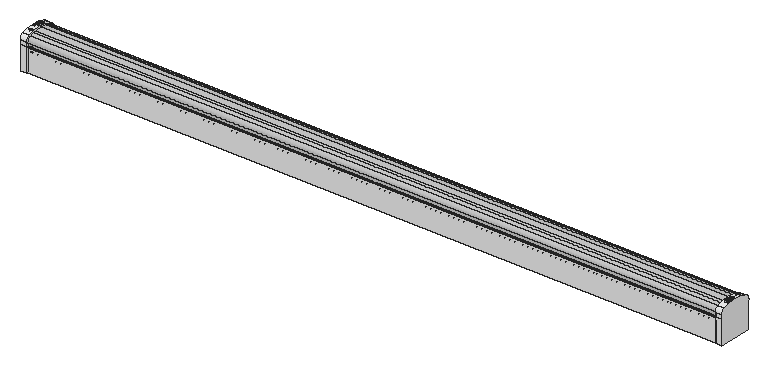
Revit family "Clevertronics_EPIC-1500-SEN_AUB04610230001", category Lighting Fixtures, host Face, Revit 2020
Family settings
  Host = Face
  Round Connector Dimension = Use Diameter
  Part Type = Normal
  Cut with Voids When Loaded = No
  Light Source = Yes
  Shared = No
  Room Calculation Point = No
Parameters (values of type "EPIC-1500-SEN_3000K")
  Wattage = 49.4 W
  built-in parameter 1150110 = 1 (stored number, unit not read)
  built-in parameter 1150109 = 1 (stored number, unit not read)
  built-in parameter 1150134 = (empty or 0)
  built-in parameter 1150113 = 1 (stored number, unit not read)
  Tilt Angle = -90.00°
  Photometric Web File = "EPIC-1500-3K_IESA_G_TUV7191314725_20230817.IES"
  Model = "EPIC-1500-SEN"
  Manufacturer = "Clevertronics"  # constant formula
  Emit from Line Length = 609.6 mm
  Description = "Epic 1500mm Diffused Batten, Motion Sensor, Switchable Colour & Output"
  CreatedBy = ""
  Clevertronics_Width = 72 mm
  Clevertronics_Weight = "2.2 Kg"
  Clevertronics_Viewing Distance = "N/A"
  Clevertronics_Total Lumen Output = "5555 lm (117 lm/W)"
  Clevertronics_Testing System = "N/A"
  Clevertronics_Testing Node = "N/A"
  Clevertronics_Supply Current = "180mA +/- 20mA"
  Clevertronics_Replacement Battery = "N/A"
  Clevertronics_Product Description = "Epic 1500mm Diffused Batten, Motion Sensor,  Switchable Colour & Output"
  Clevertronics_Power Factor = "0.90 @ High Output"
  Clevertronics_Power Consumption = "47.21W"
  Clevertronics_Other Modules = ""  # constant formula
  Clevertronics_Operating Voltage = "220-240V~ 50Hz"
  Clevertronics_Operating Temperature = "1°C to 40°C"
  Clevertronics_Operating Mode = "N/A"
  Clevertronics_Mounting = "Surface Mount"
  Clevertronics_Material = Clevertronics_Plycarbonate Base
  Lumens = 5532.8 lm
  built-in parameter 1114217 = 1 (stored number, unit not read)
  built-in parameter 1150115 = 1 (stored number, unit not read)
  built-in parameter 1150105 = 440.29 (stored number, unit not read)
  built-in parameter 1150137 = 1
  built-in parameter 1150139 = (empty or 0)
  built-in parameter 1150112 = 1 (stored number, unit not read)
  built-in parameter 1150114 = 1 (stored number, unit not read)
  Lamp = "Dual LED strip module, 3000K warm white, 5700K cool white, >50,000hr life, Ra>80__L70/B50 Ta 40°C; Reported >54,000hr, Projected 158,000hr__L80/B50 Ta 40°C; Reported >54,000hr, Projected 99,000hr"
  built-in parameter 1150132 = (empty or 0)
  built-in parameter 1150102 = (empty or 0)
  built-in parameter 1150138 = (empty or 0)
  built-in parameter 1150107 = 3000 (stored number, unit not read)
  built-in parameter 1150106 = 4.4029 (stored number, unit not read)
  built-in parameter 1150104 = 10.405 (stored number, unit not read)
  Dimming Lamp Color Temperature Shift = <None>
  Default Elevation = 1200 mm
  Color Filter = 16777215
  Clevertronics_Stacked Symbol Position [instance] = 0
  Clevertronics_MIC Number = "AUB04610230001"
  Clevertronics_Length = 1533 mm
  Clevertronics_Inrush Current = "28.4A, <88µs"
  Clevertronics_Impact Rating = "IK03"
  Clevertronics_IP Rating = "IP20"
  Clevertronics_Height = 78 mm
  Clevertronics_Emergency Driver = "1330069"
  Clevertronics_Earth Leakage = "0.152mA"
  Clevertronics_Driver/ Ballast = "LC 57W, 700-1050mA, flexC Ip SNC4"
  Clevertronics_Dimensions Main Enclosure = "L 1533mm x W 72mm x H 78mm"
  Clevertronics_Diffuser = "Co-extruded IP40 PC Diffuser Assembly"
  Clevertronics_Construction = "Powder Coated Sheet Metal Base, Co-extruded IP40 PC Diffuser Assembly, PC End Caps"
  Clevertronics_Charger Method = "N/A"
  Clevertronics_Battery Type = "N/A"
  Clevertronics_Battery = "N/A"
  Clevertronics_Applicable Standards = "AS/NZS3820, CISPR15, AS/NZS60598.1"
  Clevertronics_Annotation Vertical Offset [instance] = 0 mm
  Clevertronics_Annotation Size = 0 mm
  Clevertronics_Annotation Horizontal Offset [instance] = 0 mm
  Clevertronics_AS2293 Classification = "N/A"
  built-in parameter 1140040 [instance] = 1
  built-in parameter 1114218 = 1 (stored number, unit not read)
  built-in parameter 1150133 = 10 (stored number, unit not read)
  Assembly Code = ""
  Apparent Load = 0 VA
Types (3, lengths in mm): name | Wattage | built-in parameter 1150134 | Photometric Web File | Description | Clevertronics_Total Lumen Output | Clevertronics_Product Description | Clevertronics_Power Consumption | Lumens | built-in parameter 1150105 | built-in parameter 1150107 | built-in parameter 1150106 | built-in parameter 1150104
  EPIC-1500-SEN_4000K | 47.21 W | 12 | "EPIC-1500-4K_IESA_G_TUV7191314725_20230817.IES" | "Epic 1500mm Diffused Batten, Switchable Colour" | "6117 lm (129.6 lm/W)" | "Epic 1500mm Diffused Batten, Switchable Colour & Output" | "45.33W" | 6118.42 lm | 486.89 (stored number, unit not read) | 4000 (stored number, unit not read) | 4.8689 (stored number, unit not read) | 12.04 (stored number, unit not read)
  EPIC-1500-SEN_3000K | 49.4 W | (empty or 0) | "EPIC-1500-3K_IESA_G_TUV7191314725_20230817.IES" | "Epic 1500mm Diffused Batten, Motion Sensor, Switchable Colour & Output" | "5555 lm (117 lm/W)" | "Epic 1500mm Diffused Batten, Motion Sensor,  Switchable Colour & Output" | "47.21W" | 5532.8 lm | 440.29 (stored number, unit not read) | 3000 (stored number, unit not read) | 4.4029 (stored number, unit not read) | 10.405 (stored number, unit not read)
  EPIC-1500-SEN_5700K | 49.45 W | (empty or 0) | "EPIC-1500-57K_IESA_G_TUV7191314725_20230817.IES" | "Epic 1500mm Diffused Batten, Switchable Colour" | "5883 lm (118.97 lm/W)" | "Epic 1500mm Diffused Batten, Switchable Colour & Output" | "47.49W" | 5883.07 lm | 468.16 (stored number, unit not read) | 5700 (stored number, unit not read) | 4.6816 (stored number, unit not read) | 11.053 (stored number, unit not read)
Reference planes
  plane 1 "Center (Front/Back)": y = 0
  plane 2: z = 0
  plane 3 "Center (Left/Right)": x = 0
  plane 4: y = -16.746
  plane 5: x = 759.289
Forms (mm)
  Extrusion 1, solid, material "Clevertronics_Metal, Powder Coated, White"
    sketch origin (0, 0, 0) x (0, 1, 0) y (0, 0, 1)
      loop
        line (-34, 47.888) -> (-34, 0) -> (34, 0) -> (34, 47.888) -> (-34, 47.888)
    from -752.5 to 752.5
  Extrusion 2, solid, material "Clevertronics_Metal, Powder Coated, White"
    sketch origin (0, 0, 0) x (0, 1, 0) y (0, 0, 1)
      loop
        line (-36, 52.408) -> (-36, 0) -> (36, 0) -> (36, 52.408) -> (36, 60.131)
        arc (36, 60.131) -> (33.916, 66.575) -> (28.656, 70.839) r 11.905
        arc (28.656, 70.839) -> (14.609, 75.128) -> (0, 76.645) r 76.257
        arc (0, 76.645) -> (-14.609, 75.128) -> (-28.656, 70.839) r 76.257
        arc (-28.656, 70.839) -> (-33.916, 66.575) -> (-36, 60.131) r 11.905
        line (-36, 60.131) -> (-36, 52.408)
    from 752.5 to 766.5
  Extrusion 3, solid, material "Clevertronics_Metal, Powder Coated, White"
    sketch origin (0, 0, 0) x (0, 1, 0) y (0, 0, -1)
      loop
        line (-36, -52.408) -> (-36, -60.131)
        arc (-36, -60.131) -> (-33.916, -66.575) -> (-28.656, -70.839) r 11.905
        arc (-28.656, -70.839) -> (-14.609, -75.128) -> (0, -76.645) r 76.257
        arc (0, -76.645) -> (14.609, -75.128) -> (28.656, -70.839) r 76.257
        arc (28.656, -70.839) -> (33.916, -66.575) -> (36, -60.131) r 11.905
        line (36, -60.131) -> (36, -52.408) -> (36, 0) -> (-36, 0) -> (-36, -52.408)
    from 752.5 to 766.5
  Extrusion 4, solid, material "Clevertronics_Diffuser"
    sketch origin (0, 0, 0) x (0, 1, 0) y (0, 0, 1)
      loop
        line (-34.069, 59.777) -> (-34.069, 51.88)
        arc (-34.069, 51.88) -> (-33.924, 50.796) -> (-33.5, 49.788) r 4.133
        arc (-33.5, 49.788) -> (-32.498, 48.413) -> (-30.88, 47.888) r 2.757
        line (-30.88, 47.888) -> (-28.532, 47.888)
        arc (-28.532, 47.888) -> (-27.825, 47.595) -> (-27.532, 46.888) r 1
        line (-27.532, 46.888) -> (-27.532, 42.271)
        arc (-27.532, 42.271) -> (-27.672, 41.769) -> (-28.05, 41.41) r 0.975
        arc (-28.05, 41.41) -> (-28.547, 41.043) -> (-28.86, 40.51) r 1.534
        arc (-28.86, 40.51) -> (-28.861, 39.627) -> (-28.395, 38.877) r 1.604
        arc (-28.395, 38.877) -> (-27.949, 38.586) -> (-27.659, 38.14) r 1.288
        arc (-27.659, 38.14) -> (-27.538, 37.699) -> (-27.532, 37.243) r 1.808
        line (-27.532, 37.243) -> (-27.532, 36.166) -> (-26.332, 36.166) -> (-26.332, 37.545)
        arc (-26.332, 37.545) -> (-26.601, 38.712) -> (-27.354, 39.643) r 2.666
        arc (-27.354, 39.643) -> (-27.655, 40.035) -> (-27.354, 40.427) r 0.406
        arc (-27.354, 40.427) -> (-26.657, 41.181) -> (-26.34, 42.157) r 2.392
        line (-26.34, 42.157) -> (-26.34, 42.98)
        arc (-26.34, 42.98) -> (-26.107, 43.299) -> (-25.732, 43.421) r 0.64
        line (-25.732, 43.421) -> (-24.946, 43.421) -> (-24.946, 44.426) -> (-25.759, 44.426)
        arc (-25.759, 44.426) -> (-26.144, 44.574) -> (-26.331, 44.943) r 0.575
        arc (-26.331, 44.943) -> (-26.103, 45.493) -> (-25.552, 45.721) r 0.779
        line (-25.552, 45.721) -> (-19.532, 45.721) -> (-19.532, 44.426) -> (-21.232, 44.426) -> (-21.232, 43.421) -> (0, 43.421) -> (21.232, 43.421) -> (21.232, 44.426) -> (19.532, 44.426) -> (19.532, 45.721) -> (25.552, 45.721)
        arc (25.552, 45.721) -> (26.103, 45.493) -> (26.331, 44.943) r 0.779
        arc (26.331, 44.943) -> (26.144, 44.574) -> (25.759, 44.426) r 0.575
        line (25.759, 44.426) -> (24.946, 44.426) -> (24.946, 43.421) -> (25.732, 43.421)
        arc (25.732, 43.421) -> (26.107, 43.299) -> (26.34, 42.98) r 0.64
        line (26.34, 42.98) -> (26.34, 42.157)
        arc (26.34, 42.157) -> (26.657, 41.181) -> (27.354, 40.427) r 2.392
        arc (27.354, 40.427) -> (27.655, 40.035) -> (27.354, 39.643) r 0.406
        arc (27.354, 39.643) -> (26.601, 38.712) -> (26.332, 37.545) r 2.666
        line (26.332, 37.545) -> (26.332, 36.166) -> (27.532, 36.166) -> (27.532, 37.243)
        arc (27.532, 37.243) -> (27.538, 37.699) -> (27.659, 38.14) r 1.808
        arc (27.659, 38.14) -> (27.949, 38.586) -> (28.395, 38.877) r 1.288
        arc (28.395, 38.877) -> (28.861, 39.627) -> (28.86, 40.51) r 1.604
        arc (28.86, 40.51) -> (28.547, 41.043) -> (28.05, 41.41) r 1.534
        arc (28.05, 41.41) -> (27.672, 41.769) -> (27.532, 42.271) r 0.975
        line (27.532, 42.271) -> (27.532, 46.888)
        arc (27.532, 46.888) -> (27.825, 47.595) -> (28.532, 47.888) r 1
        line (28.532, 47.888) -> (30.88, 47.888)
        arc (30.88, 47.888) -> (32.498, 48.413) -> (33.5, 49.788) r 2.757
        arc (33.5, 49.788) -> (33.924, 50.796) -> (34.069, 51.88) r 4.133
        line (34.069, 51.88) -> (34.069, 59.777)
        arc (34.069, 59.777) -> (32.342, 65.394) -> (27.757, 69.07) r 9.998
        arc (27.757, 69.07) -> (23.38, 70.69) -> (18.934, 72.108) r 101.656
        arc (18.934, 72.108) -> (16.467, 72.704) -> (13.989, 73.25) r 123.107
        arc (13.989, 73.25) -> (7.022, 74.221) -> (0, 74.623) r 86.5
        arc (0, 74.623) -> (-7.022, 74.221) -> (-13.989, 73.25) r 86.5
        arc (-13.989, 73.25) -> (-16.478, 72.752) -> (-18.934, 72.108) r 43.176
        arc (-18.934, 72.108) -> (-23.38, 70.69) -> (-27.757, 69.07) r 101.656
        arc (-27.757, 69.07) -> (-32.342, 65.394) -> (-34.069, 59.777) r 9.998
      loop
        line (-16.282, 45.721) -> (-18.118, 45.721)
        arc (-18.118, 45.721) -> (-18.532, 45.074) -> (-18.118, 44.426) r 0.713
        line (-18.118, 44.426) -> (0, 44.426) -> (18.118, 44.426)
        arc (18.118, 44.426) -> (18.532, 45.074) -> (18.118, 45.721) r 0.713
        line (18.118, 45.721) -> (16.282, 45.721) -> (16.282, 46.721) -> (25.799, 46.721)
        arc (25.799, 46.721) -> (26.268, 46.901) -> (26.498, 47.347) r 0.703
        arc (26.498, 47.347) -> (27.192, 48.509) -> (28.457, 48.991) r 2.062
        line (28.457, 48.991) -> (30.88, 48.888)
        arc (30.88, 48.888) -> (31.806, 49.132) -> (32.431, 49.857) r 1.617
        arc (32.431, 49.857) -> (32.728, 50.49) -> (32.978, 51.144) r 9.501
        line (32.978, 51.144) -> (33.071, 51.926) -> (33.071, 59.777)
        arc (33.071, 59.777) -> (31.56, 64.77) -> (27.534, 68.087) r 9.005
        arc (27.534, 68.087) -> (25.319, 68.975) -> (23.078, 69.798) r 82.593
        line (23.078, 69.798) -> (18.668, 71.135) -> (14.068, 72.23)
        arc (14.068, 72.23) -> (9.433, 72.986) -> (4.76, 73.456) r 76.595
        line (4.76, 73.456) -> (0, 73.622) -> (-4.76, 73.456)
        arc (-4.76, 73.456) -> (-9.433, 72.986) -> (-14.068, 72.23) r 76.595
        line (-14.068, 72.23) -> (-18.668, 71.135) -> (-23.078, 69.798)
        arc (-23.078, 69.798) -> (-25.319, 68.975) -> (-27.534, 68.087) r 82.593
        arc (-27.534, 68.087) -> (-31.56, 64.77) -> (-33.071, 59.777) r 9.005
        line (-33.071, 59.777) -> (-33.071, 51.926) -> (-32.978, 51.144)
        arc (-32.978, 51.144) -> (-32.728, 50.49) -> (-32.431, 49.857) r 9.501
        arc (-32.431, 49.857) -> (-31.806, 49.132) -> (-30.88, 48.888) r 1.617
        line (-30.88, 48.888) -> (-28.457, 48.991)
        arc (-28.457, 48.991) -> (-27.192, 48.509) -> (-26.498, 47.347) r 2.062
        arc (-26.498, 47.347) -> (-26.268, 46.901) -> (-25.799, 46.721) r 0.703
        line (-25.799, 46.721) -> (-16.282, 46.721) -> (-16.282, 45.721)
    from -751.5 to 752.5
  Extrusion 5, void
    sketch origin (0, 0, 0) x (1, 0, 0) y (0, 1, 0)
      loop
        arc (-762.875, -15.866) -> (-763.266, -16.003) -> (-763.487, -16.353) r 0.629
        line (-763.487, -16.353) -> (-763.487, -17.138)
        arc (-763.487, -17.138) -> (-763.266, -17.489) -> (-762.875, -17.625) r 0.629
        line (-762.875, -17.625) -> (-759.68, -17.625)
        arc (-759.68, -17.625) -> (-759.248, -17.624) -> (-758.88, -17.85) r 0.787
        line (-758.88, -17.85) -> (-758.88, -18.685)
        arc (-758.88, -18.685) -> (-758.564, -18.984) -> (-758.151, -18.847) r 0.423
        line (-758.151, -18.847) -> (-756.044, -17.169)
        arc (-756.044, -17.169) -> (-755.779, -16.746) -> (-756.044, -16.322) r 0.471
        line (-756.044, -16.322) -> (-758.151, -14.644)
        arc (-758.151, -14.644) -> (-758.564, -14.507) -> (-758.88, -14.806) r 0.423
        line (-758.88, -14.806) -> (-758.88, -15.641)
        arc (-758.88, -15.641) -> (-759.248, -15.868) -> (-759.68, -15.866) r 0.787
        line (-759.68, -15.866) -> (-762.875, -15.866)
    from 73.831 to 75.439
  Extrusion 6, void
    sketch origin (776.035, 776.025, 0) x (0, 1, 0) y (-1, 0, 0)
      loop
        line (-762.875, 15.866) -> (-759.68, 15.866)
        arc (-759.68, 15.866) -> (-759.248, 15.868) -> (-758.88, 15.641) r 0.787
        line (-758.88, 15.641) -> (-758.88, 14.806)
        arc (-758.88, 14.806) -> (-758.564, 14.507) -> (-758.151, 14.644) r 0.423
        line (-758.151, 14.644) -> (-756.044, 16.322)
        arc (-756.044, 16.322) -> (-755.779, 16.746) -> (-756.044, 17.169) r 0.471
        line (-756.044, 17.169) -> (-758.151, 18.847)
        arc (-758.151, 18.847) -> (-758.564, 18.984) -> (-758.88, 18.685) r 0.423
        line (-758.88, 18.685) -> (-758.88, 17.85)
        arc (-758.88, 17.85) -> (-759.248, 17.624) -> (-759.68, 17.625) r 0.787
        line (-759.68, 17.625) -> (-762.875, 17.625)
        arc (-762.875, 17.625) -> (-763.266, 17.489) -> (-763.487, 17.138) r 0.629
        line (-763.487, 17.138) -> (-763.487, 16.353)
        arc (-763.487, 16.353) -> (-763.266, 16.003) -> (-762.875, 15.866) r 0.629
    from 73.14 to 75.771
  Extrusion 7, solid
    sketch origin (0, 7.92, 1.026) x (1, 0, 0) y (0, 0.994522, 0.104528)
      loop
        circle (756.915, -14.552) r 1.585
      loop
        circle (756.915, -14.552) r 0.832
      loop
        line (758.685, -12.669) -> (758.685, -11.855) -> (757.354, -11.855)
        arc (757.354, -11.855) -> (756.667, -10.299) -> (756.062, -11.888) r 0.919
        line (756.062, -11.888) -> (755.253, -11.888) -> (755.253, -12.669) -> (758.685, -12.669)
      loop
        line (756.97, -9.252) -> (756.97, -7.635) -> (755.973, -7.998)
        arc (755.973, -7.998) -> (756.448, -10.019) -> (757.834, -8.474) r 1.171
        line (757.834, -8.474) -> (757.279, -7.682) -> (757.207, -8.501)
        arc (757.207, -8.501) -> (757.385, -8.97) -> (756.97, -9.252) r 0.405
      loop
        line (756.586, -9.25) -> (756.586, -8.453)
        arc (756.586, -8.453) -> (756.188, -8.852) -> (756.586, -9.25) r 0.398
      loop
        line (758.008, -5.855) -> (758.008, -5.046) -> (756.586, -5.046)
        arc (756.586, -5.046) -> (755.87, -5.659) -> (756.362, -6.462) r 0.726
        line (756.362, -6.462) -> (755.567, -6.462) -> (755.567, -7.267) -> (758.008, -7.267) -> (758.008, -6.462) -> (756.541, -6.462)
        arc (756.541, -6.462) -> (756.669, -6.038) -> (757.073, -5.855) r 0.536
        line (757.073, -5.855) -> (758.008, -5.855)
      loop
        line (760.183, -15.075) -> (760.183, -15.879) -> (762.558, -15.879)
        arc (762.558, -15.879) -> (763.049, -15.624) -> (763.121, -15.075) r 0.6
        arc (763.121, -15.075) -> (762.729, -14.583) -> (762.337, -15.075) r 0.402
        line (762.337, -15.075) -> (760.183, -15.075)
      loop
        line (763.082, -14.251) -> (763.082, -13.444) -> (761.94, -13.444)
        arc (761.94, -13.444) -> (761.638, -13.142) -> (761.94, -12.84) r 0.302
        line (761.94, -12.84) -> (763.082, -12.84) -> (763.082, -12.05) -> (761.66, -12.05)
        arc (761.66, -12.05) -> (760.891, -12.54) -> (761.012, -13.444) r 0.848
        line (761.012, -13.444) -> (760.183, -13.444) -> (760.183, -14.251) -> (763.082, -14.251)
      loop
        line (760.981, -10.711) -> (760.981, -11.517) -> (763.082, -11.517) -> (763.082, -10.711) -> (760.981, -10.711)
      loop
        line (760.848, -11.114) -> (760.087, -10.837) -> (759.327, -11.114) -> (760.087, -11.391) -> (760.848, -11.114)
      loop
        arc (760.715, -7.107) -> (759.937, -8.247) -> (760.675, -9.414) r 1.256
        line (760.675, -9.414) -> (762.067, -8.8)
        arc (762.067, -8.8) -> (762.681, -9.059) -> (762.389, -9.658) r 0.459
        line (762.389, -9.658) -> (762.668, -10.425)
        arc (762.668, -10.425) -> (763.224, -8.903) -> (761.861, -8.026) r 1.297
        arc (761.861, -8.026) -> (761.334, -8.609) -> (760.548, -8.613) r 0.975
        arc (760.548, -8.613) -> (760.578, -8.126) -> (760.991, -7.865) r 0.537
        line (760.991, -7.865) -> (760.715, -7.107)
      loop
        line (762.23, -5.659) -> (762.23, -4.043) -> (761.232, -4.406)
        arc (761.232, -4.406) -> (761.707, -6.426) -> (763.093, -4.881) r 1.171
        line (763.093, -4.881) -> (762.538, -4.089) -> (762.467, -4.908)
        arc (762.467, -4.908) -> (762.644, -5.377) -> (762.23, -5.659) r 0.405
      loop
        line (761.846, -5.657) -> (761.846, -4.861)
        arc (761.846, -4.861) -> (761.447, -5.259) -> (761.846, -5.657) r 0.398
      loop
        line (763.302, -2.27) -> (763.302, -1.462) -> (761.881, -1.462)
        arc (761.881, -1.462) -> (761.164, -2.074) -> (761.656, -2.878) r 0.726
        line (761.656, -2.878) -> (760.861, -2.878) -> (760.861, -3.682) -> (763.302, -3.682) -> (763.302, -2.878) -> (761.835, -2.878)
        arc (761.835, -2.878) -> (761.963, -2.453) -> (762.367, -2.27) r 0.536
        line (762.367, -2.27) -> (763.302, -2.27)
      loop
        line (759.93, 1.254) -> (759.93, 0.44) -> (761.261, 0.44)
        arc (761.261, 0.44) -> (761.948, -1.115) -> (762.553, 0.473) r 0.919
        line (762.553, 0.473) -> (763.361, 0.473) -> (763.361, 1.254) -> (759.93, 1.254)
    from 74.623 to 76.633
  Extrusion 8, solid
    sketch origin (0.416, -5.13, 0.438) x (-1, 0, 0) y (0, -0.997564, 0.069756)
      loop
        circle (762.369, -15.185) r 1.585
      loop
        circle (762.369, -15.185) r 0.832
      loop
        line (758.997, -12.591) -> (758.997, -11.777) -> (757.667, -11.777)
        arc (757.667, -11.777) -> (756.98, -10.221) -> (756.374, -11.81) r 0.919
        line (756.374, -11.81) -> (755.566, -11.81) -> (755.566, -12.591) -> (758.997, -12.591)
      loop
        line (757.283, -9.174) -> (757.283, -7.557) -> (756.286, -7.92)
        arc (756.286, -7.92) -> (756.76, -9.941) -> (758.146, -8.396) r 1.171
        line (758.146, -8.396) -> (757.592, -7.604) -> (757.52, -8.423)
        arc (757.52, -8.423) -> (757.698, -8.892) -> (757.283, -9.174) r 0.405
      loop
        line (756.899, -9.172) -> (756.899, -8.375)
        arc (756.899, -8.375) -> (756.501, -8.774) -> (756.899, -9.172) r 0.398
      loop
        line (758.32, -5.777) -> (758.32, -4.968) -> (756.899, -4.968)
        arc (756.899, -4.968) -> (756.182, -5.581) -> (756.675, -6.384) r 0.726
        line (756.675, -6.384) -> (755.879, -6.384) -> (755.879, -7.189) -> (758.32, -7.189) -> (758.32, -6.384) -> (756.854, -6.384)
        arc (756.854, -6.384) -> (756.981, -5.96) -> (757.385, -5.777) r 0.536
        line (757.385, -5.777) -> (758.32, -5.777)
      loop
        line (760.785, -12.278) -> (760.785, -13.082) -> (763.16, -13.082)
        arc (763.16, -13.082) -> (763.651, -12.827) -> (763.723, -12.278) r 0.6
        arc (763.723, -12.278) -> (763.331, -11.786) -> (762.939, -12.278) r 0.402
        line (762.939, -12.278) -> (760.785, -12.278)
      loop
        line (763.572, -11.469) -> (763.572, -10.663) -> (762.43, -10.663)
        arc (762.43, -10.663) -> (762.128, -10.361) -> (762.43, -10.058) r 0.302
        line (762.43, -10.058) -> (763.572, -10.058) -> (763.572, -9.268) -> (762.15, -9.268)
        arc (762.15, -9.268) -> (761.381, -9.759) -> (761.502, -10.663) r 0.848
        line (761.502, -10.663) -> (760.673, -10.663) -> (760.673, -11.469) -> (763.572, -11.469)
      loop
        line (762.653, -2.19) -> (762.653, -0.574) -> (761.656, -0.937)
        arc (761.656, -0.937) -> (762.13, -2.957) -> (763.516, -1.412) r 1.171
        line (763.516, -1.412) -> (762.962, -0.62) -> (762.89, -1.439)
        arc (762.89, -1.439) -> (763.068, -1.908) -> (762.653, -2.19) r 0.405
      loop
        line (762.269, -2.188) -> (762.269, -1.392)
        arc (762.269, -1.392) -> (761.871, -1.79) -> (762.269, -2.188) r 0.398
      loop
        line (763.725, 1.199) -> (763.725, 2.007) -> (762.304, 2.007)
        arc (762.304, 2.007) -> (761.587, 1.395) -> (762.08, 0.591) r 0.726
        line (762.08, 0.591) -> (761.284, 0.591) -> (761.284, -0.213) -> (763.725, -0.213) -> (763.725, 0.591) -> (762.259, 0.591)
        arc (762.259, 0.591) -> (762.386, 1.016) -> (762.79, 1.199) r 0.536
        line (762.79, 1.199) -> (763.725, 1.199)
      loop
        line (760.353, 4.723) -> (760.353, 3.909) -> (761.684, 3.909)
        arc (761.684, 3.909) -> (762.371, 2.354) -> (762.976, 3.942) r 0.919
        line (762.976, 3.942) -> (763.785, 3.942) -> (763.785, 4.723) -> (760.353, 4.723)
      loop
        circle (757.132, -14.435) r 1.585
      loop
        circle (757.132, -14.435) r 0.832
      loop
        line (762.634, -8.001) -> (762.634, -6.384) -> (761.637, -6.747)
        arc (761.637, -6.747) -> (762.112, -8.768) -> (763.498, -7.223) r 1.171
        line (763.498, -7.223) -> (762.943, -6.431) -> (762.871, -7.25)
        arc (762.871, -7.25) -> (763.049, -7.719) -> (762.634, -8.001) r 0.405
      loop
        line (762.25, -7.999) -> (762.25, -7.202)
        arc (762.25, -7.202) -> (761.852, -7.601) -> (762.25, -7.999) r 0.398
      loop
        line (763.532, -6.04) -> (763.532, -5.23) -> (762.75, -5.23)
        arc (762.75, -5.23) -> (762.321, -5.028) -> (762.204, -4.568) r 0.557
        line (762.204, -4.568) -> (761.414, -4.415) -> (761.823, -5.275)
        arc (761.823, -5.275) -> (761.43, -5.239) -> (761.037, -5.207) r 35.189
        line (761.037, -5.207) -> (761.037, -6.04) -> (763.532, -6.04)
    from 74.623 to 76.633
Cuts and joins
  Extrusion 5 cuts Extrusion 3
  Extrusion 6 cuts Extrusion 2
Dimensions and locks
  aligned and locked: host face to plane 2
  aligned and locked: host face to level
Connectors
  electrical at (0, 0, 0)
    settings: on Extrusion 1, index 1, voltage 220 V, apparent load 0 VA, apparent load phase1 53 VA, apparent load phase2 0 VA, apparent load phase3 0 VA, power factor 0.9, load classification "Other", number of poles 1, system type 31, power factor state 1, is connector primary yes, connector utility no, sub classification motor no, connector description ""
